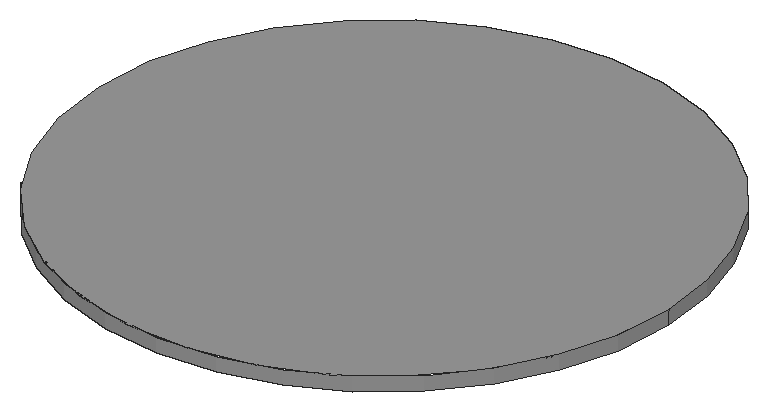
Revit family "Manhole Cover Circle", category Generic Models, host Floor, Revit 2022
Family settings
  Host = Floor
  Can host rebar = No
  Round Connector Dimension = Use Diameter
  Part Type = Normal
  Always vertical = No
  Cut with Voids When Loaded = Yes
  Maintain Annotation Orientation = No
  Shared = No
  Room Calculation Point = No
Parameters
  Height [instance] = 50 mm
  Dia [instance] = 2000 mm
  Default Elevation = 0 mm
Reference planes
  plane 1 "Center (Front/Back)": y = 0
  plane 2: z = 0
  plane 3 "Center (Left/Right)": x = 0
Forms (mm)
  Extrusion 1, solid, material "Concrete"
    sketch origin (0, 0, 0) x (1, 0, 0) y (0, 1, 0)
      loop
        circle (-86.769, -80.572) r 1000
    from 0 to 50
Dimensions and locks
  "Height": Extrusion 1 to plane 2
  "Dia": diameter of Extrusion 1 sketch curve
  aligned and locked: level to plane 2
  aligned and locked: Extrusion 1 to level
Automatic sketch dimensions
  Extrusion 1 sketch curve to plane 3 "Center (Left/Right)" = 86.769 mm
  plane 1 "Center (Front/Back)" to Extrusion 1 sketch curve = 80.572 mm
